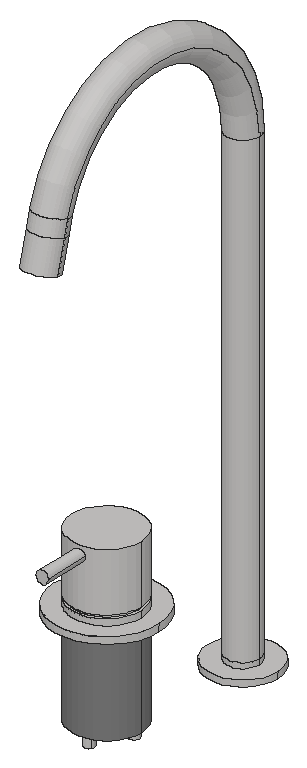
Revit family "590V", category Plumbing Fixtures, Revit 2021
Family settings
  Round Connector Dimension = Use Diameter
  Part Type = Normal
  Work Plane-Based = No
  Always vertical = Yes
  Cut with Voids When Loaded = No
  Shared = No
  Room Calculation Point = No
Parameters
  e-mail = "info@vola.com"
  URL = "http://vola.com"
  Telephone = "+45 7023 5500"
  Quality management standard = "ISO 9001"
  Organisation no. / DUNS no. = "17531328"
  Occupational health and safety management standard = "ISO 18001"
  Mounting Instructions = "http://vola.com/service/producturl.ashx?name=590V"
  Model = "590V"
  Materials and components information = "http://vola.com/service/producturl.ashx?name=590V"
  Manufacturer = "VOLA A/S"
  Maintenance Instructions = "http://vola.com/service/producturl.ashx?name=590V"
  Guarantee = "2 years"
  Flow = "9,00 l/min"
  Environmental management standard = "ISO 14000"
  Default Elevation = 0.00 mm
  Connection - All relevant connections = "10mm flexible hose"
  Approvals = "http://vola.com/service/producturl.ashx?name=590V"
Reference planes
  plane 1 "Center (Front/Back)": y = 0
  plane 2: z = 0
  plane 3 "Center (Left/Right)": x = 0
Dimensions and locks
  aligned and locked: plane 2 to level
Nested families
  nested 1: "090V" at (0, 0, 0), type "090V"
  nested 2: "500" at (-78, 0, 0), type "500"
Connectors
  piping at (-67.175, 6.25, -63), diameter 6
    settings: on nested 2, index 1, connector inside diameter 0.23622", connector length 0.00 mm, flow factor 0, pipe flow 0 GPM, pressure drop 0.00 psi, fitting loss kfactor 0, connector angle 0.00°, fixture units 0, engagement length 0.00 mm, angle of deflection 0.00°, flow configuration 0, flow direction 1, fitting loss method 0, system type 20, joint type 0, gender type 0, connector reference index -1, connector utility 0, adjustable connector no, is connector primary yes, connector description ""
  piping at (-88.825, 6.25, -63), diameter 6
    settings: on nested 2, index 2, connector inside diameter 0.23622", connector length 0.00 mm, flow factor 0, pipe flow 0 GPM, pressure drop 0.00 psi, fitting loss kfactor 0, connector angle 0.00°, fixture units 0, engagement length 0.00 mm, angle of deflection 0.00°, flow configuration 0, flow direction 1, fitting loss method 0, system type 19, joint type 0, gender type 0, connector reference index -1, connector utility 0, adjustable connector no, is connector primary no, connector description ""
Definition of nested family "090V"
  Parameters
    e-mail = "info@vola.com"
    URL = "http://vola.com"
    Telephone = "+45 7023 5500"
    Quality management standard = "ISO 9001"
    Organisation no. / DUNS no. = "17531328"
    Occupational health and safety management standard = "ISO 18001"
    Mounting Instructions = "http://vola.com/service/producturl.ashx?name=090V"
    Model = "090V"
    Materials and components information = "http://vola.com/service/producturl.ashx?name=090V"
    Manufacturer = "VOLA A/S"
    Maintenance Instructions = "http://vola.com/service/producturl.ashx?name=090V"
    Guarantee = "2 years"
    Environmental management standard = "ISO 14000"
    Default Elevation = 0.00 mm
    Connection - All relevant connections = ""
    Approvals = "http://vola.com/service/producturl.ashx?name=090V"
  Reference planes
    plane 1 "Center (Front/Back)": y = 0
    plane 2: z = 0
    plane 3 "Center (Left/Right)": x = 0
  Forms (mm)
    Sweep 1, solid
      path origin (0, 0, 0) x (0, 1, 0) y (0, 0, 1)
        loop
          line (-139.61, 283.88) -> (-137.281, 292.573)
          arc (-137.281, 292.573) -> (-60.715, 343.733) -> (0, 274.5) r 69.83
          line (0, 274.5) -> (0, 6.5)
      profile origin (0, 0, 140.5) x (1, 0, 0) y (0, 1, 0)
        loop
          circle (0, 0) r 9.5
    Extrusion 2, solid
      sketch origin (0, 0, 0) x (1, 0, 0) y (0, 1, 0)
        loop
          circle (0, 0) r 20
      from 0 to 3.5
    Extrusion 3, solid
      sketch origin (0, 0, 3.5) x (1, 0, 0) y (0, 1, 0)
        loop
          circle (0, 0) r 9.5
      from 0 to 3
    Extrusion 4, solid
      sketch origin (0, -139.61, 283.88) x (0, 0.965926, -0.258819) y (1, 0, 0)
        loop
          circle (0, 0) r 9.5
      from 0 to 18.5
  Cuts and joins
    joined: Sweep 1, Extrusion 2
  Dimensions and locks
    aligned and locked: plane 2 to level
Definition of nested family "500"
  Parameters
    e-mail = "info@vola.com"
    URL = "http://vola.com"
    Telephone = "+45 7023 5500"
    Quality management standard = "ISO 9001"
    Organisation no. / DUNS no. = "17531328"
    Occupational health and safety management standard = "ISO 18001"
    Mounting Instructions = "http://vola.com/service/producturl.ashx?name=500"
    Model = "500"
    Materials and components information = "http://vola.com/service/producturl.ashx?name=500"
    Manufacturer = "VOLA A/S"
    Maintenance Instructions = "http://vola.com/service/producturl.ashx?name=500"
    Guarantee = "2 years"
    Flow = "14,50 l/min"
    Environmental management standard = "ISO 14000"
    Default Elevation = 0.00 mm
    Connection - All relevant connections = "10mm flexible hose"
    Approvals = "http://vola.com/service/producturl.ashx?name=500"
  Reference planes
    plane 1 "Center (Front/Back)": y = 0
    plane 2: z = 0
    plane 3 "Center (Left/Right)": x = 0
  Forms (mm)
    Extrusion 1, solid
      sketch origin (0, 0, 0) x (1, 0, 0) y (0, 1, 0)
        loop
          circle (0, 0) r 30
      from 0 to 4
    Extrusion 2, solid
      sketch origin (0, 0, 7.5) x (1, 0, 0) y (0, 1, 0)
        loop
          circle (0, 0) r 18.25
      from 0 to 2
    Extrusion 3, solid
      sketch origin (0, 0, 9.5) x (1, 0, 0) y (0, 1, 0)
        loop
          circle (0, 0) r 20
      from 0 to 33.5
    Extrusion 4, solid
      sketch origin (0, 0, 3.25) x (1, 0, 0) y (0, 0, 1)
        loop
          circle (0, 34.5) r 3.5
      from 0 to 46
    Extrusion 5, solid
      sketch origin (0, 0, 0) x (0, 1, 0) y (1, 0, 0)
        loop
          circle (0, 0) r 20
      from 0 to 55
    Extrusion 6, solid
      sketch origin (0, 0, -55) x (0, 1, 0) y (1, 0, 0)
        loop
          circle (6.25, 10.825) r 3
        loop
          circle (6.25, -10.825) r 3
        loop
          circle (-12.5, 0) r 3
      from 0 to 8
    Extrusion 7, solid
      sketch origin (0, 0, 4) x (1, 0, 0) y (0, 1, 0)
        loop
          circle (0, 0) r 20
      from 0 to 3.5
  Cuts and joins
    joined: Extrusion 3, Extrusion 4
  Lines and regions (mm)
    model lines
      curve 1: line (6.05, -19.063, 43) -> (6.05, 19.063, 43)
      curve 2: line (-6.05, -19.063, 43) -> (-6.05, 19.063, 43)
    reference lines
      curve 3: line (-10.825, 6.25, -55) -> (-10.825, 6.25, -80)
      curve 4: line (10.825, 6.25, -55) -> (10.825, 6.25, -80)
  Dimensions and locks
    aligned and locked: plane 2 to level
